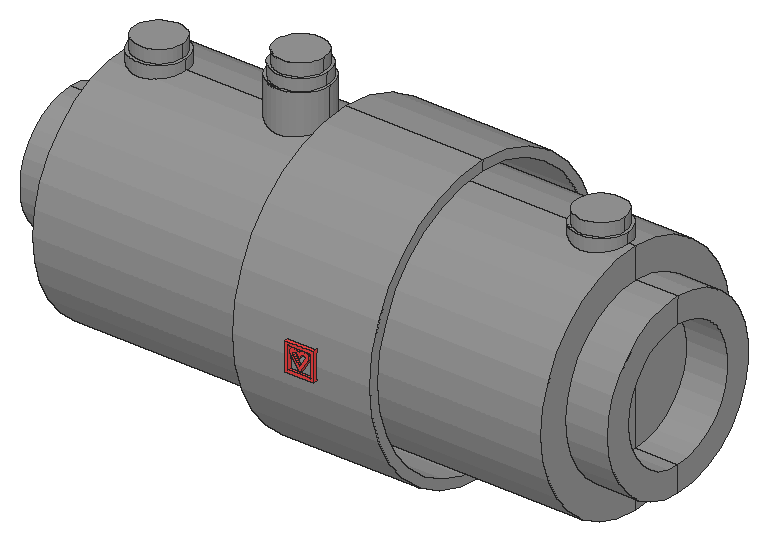
Revit family "Systemtrenner 0307 AG-IG", category Rohrzubehör, Revit 2019
Family settings
  Bemaßung runder Anschluss = Durchmesser verwenden
  Teiletyp = Unterbricht
  OmniClass-Nummer = 23.65.55.14
  OmniClass-Titel = Valves for Liquid Services
  Arbeitsebenenbasiert = Nein
  Immer vertikal = Ja
  Beim Laden mit Abzugskörper schneiden = Nein
  Gemeinsam genutzt = Nein
Parameters (values of type "AG-IG DN40-DN40")
  URL = "www.herz-armaturen.at"
  SCTWSEQ = "AW;SBT_TYP_AW=\"104\";2"
  SCTWCODE = "04;12;02"  # constant formula
  S03 = 15.000 mm  # constant formula
  S02 = 45.000 mm  # constant formula
  S01 = 98.000 mm  # constant formula
  Nennweite Ein [instance] = if(AG_IG_DN40_DN40, 40.000 mm, if(AG_IG_DN40_DN50, 40.000 mm, if(AG_IG_DN50_DN40, 50.000 mm, if(AG_IG_DN50_DN50, 50.000 mm, 0.000 mm))))  # 40.000 mm
  Nennweite Aus [instance] = if(AG_IG_DN40_DN40, 40.000 mm, if(AG_IG_DN40_DN50, 50.000 mm, if(AG_IG_DN50_DN40, 40.000 mm, if(AG_IG_DN50_DN50, 50.000 mm, 0.000 mm))))  # 40.000 mm
  Medium = "Wasser (ohne Dampf)"
  Max. Betriebstemperatur (Kurzzeitig) = 80 °C  # constant formula
  Max. Betriebstemperatur = 65 °C  # constant formula
  Max. Betriebsdruck = 1000000.0 Pa  # constant formula
  L07 = 24.500 mm  # constant formula
  L06 = 73.000 mm  # constant formula
  L05 = 28.000 mm  # constant formula
  L04 = 13.500 mm  # constant formula
  L03 = 87.500 mm  # constant formula
  L02 = 18.000 mm  # constant formula
  L01 = 193.000 mm  # constant formula
  Hinweis = "Gemäß Art 33 der REACH-Verordnung (EG Nr. 1907/2006) sind wir verpflichtet, darauf hinzuweisen, dass der Stoff Blei auf der SVHC-Liste geführt wird und dass alle aus Messing bestehenden Bauteile, die in unseren Erzeugnissen verarbeitet sind, mehr als 0,1 % (w/w) Blei (CAS: 7439-92-1 / EINECS: 231-100-4) enthalten.\r\nDa Blei als Legierungsbestandteil fest gebunden ist, sind keine Expositionen zu erwarten und daher sind keine zusätzlichen Angaben zur sicheren Verwendung notwendig."
  Hersteller = "HERZ Armaturen Ges.m.b.H."  # constant formula
  Gehäuse = "Edelstahl"  # constant formula
  Einbaulage = "waagrecht oder senkrecht nach unten zeigend"  # constant formula
  D03 [instance] = if(AG_IG_DN40_DN40, 28.000 mm, if(AG_IG_DN40_DN50, 33.000 mm, if(AG_IG_DN50_DN40, 28.000 mm, if(AG_IG_DN50_DN50, 33.000 mm, 0.000 mm))))  # 28.000 mm
  D02 = 45.000 mm  # constant formula
  D01 = 37.500 mm  # constant formula
  Bestellnummer [instance] = if(AG_IG_DN40_DN40, "I030704", if(AG_IG_DN40_DN50, "I030712", if(AG_IG_DN50_DN40, "I030716", if(AG_IG_DN50_DN50, "I030708", "0"))))  # "I030704"
  Ausführung = "Der Systemtrenner wurde nach der Norm DIN EN 1717 entwickelt.\r\nLaut dieser Norm ist die Wasserqualität je nach Grad der Verschmutzung in 5 Klassen eingeteilt.\r\nDer Systemtrenner Typ BA erlaubt eine Absicherung gegen Nichttrinkwasser bis zur Gefahrenklasse 4, der höchsten Gefahrenklasse, die mit einer Armatur abgesichert werden kann.\r\nEine niedrigere Absicherung eines Standrohres als mit einem Systemtrenner BA nach DIN EN 1717 entspricht nicht mehr dem Stand der Technik und führt damit bei einem Schadensfall zur Haftpflicht des Betreibers eines solchen Standrohres.\r\nDie Funktionseinheit ist als einteilige Kartusche mit groß bemessenem Steuerkolben und druckstoßgedämpftem Ablassventilsystem ausgebildet.\r\nGewindeanschlüsse sind untereinander austauschbar, wodurch 16 mögliche Anschlussvarianten (Eingangs- und Ausgangsseite erhältlich in 1 1/2” Innen- oder Außengewinde alternativ in 2” Innen- oder Außengewinde)."
  Anwendung = "Der Systemtrenner ist eine kostengünstige Lösung zum Nachrüsten von Standrohren mit der nach DIN EN 1717 zwingend vorgeschriebenen Sicherungsarmatur gegen Rücksaugen, Rückfließen oder Rückdrücken von Nichttrinkwasser in die Trinkwasserleitung.\r\nDer Systemtrenner ist für den waagerechten Einbau geeignet.\r\nEr kann auch senkrecht montiert werden aber nach unten zeigend.\r\nFür den Einbau in eine Steigleitung ist er nicht zulässig."
  AG_IG_DN50_DN50 = no
  AG_IG_DN50_DN40 = no
  AG_IG_DN40_DN50 = no
  AG_IG_DN40_DN40 = yes
  IG Aus [instance] = Nennweite Aus / 2  # 20.000 mm
  AG Ein [instance] = Nennweite Ein / 2  # 20.000 mm
Types (5, lengths in mm): name | Nennweite Ein | Nennweite Aus | D03 | Bestellnummer | AG_IG_DN50_DN50 | AG_IG_DN50_DN40 | AG_IG_DN40_DN50 | AG_IG_DN40_DN40 | IG Aus | AG Ein
  (no name) | 40.000 | 40.000 | 28.000 | "I030704" | no | no | no | yes | 20.000 | 20.000
  AG-IG DN40-DN50 | 40.000 | 50.000 | 33.000 | "I030712" | no | no | yes | no | 25.000 | 20.000
  AG-IG DN40-DN40 | 40.000 | 40.000 | 28.000 | "I030704" | no | no | no | yes | 20.000 | 20.000
  AG-IG DN50-DN50 | 50.000 | 50.000 | 33.000 | "I030708" | yes | no | no | no | 25.000 | 25.000
  AG-IG DN50-DN40 | 50.000 | 40.000 | 28.000 | "I030716" | no | yes | no | no | 20.000 | 25.000
Reference planes
  plane 1 "Mitte (Vorne/hinten)": y = 0
  plane 2: z = 0
  plane 3 "Mitte (Links/rechts)": x = 0
Forms (mm)
  Revolve 1, solid, material "Messing, weicher Gelbton, geschweißt", detail levels fine
    sketch origin (0, 0, 0) x (1, 0, 0) y (0, 0, 1)
      loop
        line (-96.5, 0) -> (83, 0) -> (83, 20) -> (96.5, 20) -> (96.5, 28) -> (83, 28) -> (83, 37.5) -> (-78.5, 37.5) -> (-78.5, 20) -> (-96.5, 20) -> (-96.5, 0)
      axis (-96.5, 0) -> (96.5, 0)
    angle from 0 to 360
  Revolve 2, solid, material "Acetalharz, Schwarz", detail levels fine
    sketch origin (0, 0, 0) x (1, 0, 0) y (0, 0, 1)
      loop
        line (-9, 0) -> (1.5, 0) -> (1.5, 42) -> (34.5, 42) -> (34.5, 45) -> (-9, 45) -> (-9, 0)
      axis (-9, 0) -> (34.5, 0)
    angle from 0 to 360
  Extrusion 3, solid, material "Messing, weicher Gelbton, geschweißt", detail levels fine
    sketch origin (0, 0, 0) x (1, 0, 0) y (0, 1, 0)
      loop
        circle (-68.5, 0) r 8.5
      loop
        circle (72, 0) r 8.5
    from 0 to 40.5
  Extrusion 4, solid, material "Acetalharz, Schwarz", detail levels fine
    sketch origin (0, 0, 0) x (1, 0, 0) y (0, 1, 0)
      loop
        circle (-68.5, 0) r 7.5
      loop
        circle (72, 0) r 7.5
    from 40.5 to 44.5
  Extrusion 5, solid, material "Messing, weicher Gelbton, geschweißt", detail levels fine
    sketch origin (0, 0, 0) x (1, 0, 0) y (0, 1, 0)
      loop
        circle (-23.5, 0) r 9.3
    from 0 to 49
  Extrusion 6, solid, material "Messing, weicher Gelbton, geschweißt", detail levels fine
    sketch origin (0, 0, 0) x (1, 0, 0) y (0, 1, 0)
      loop
        circle (-23.5, 0) r 8.5
    from 49 to 52.5
  Extrusion 7, solid, material "Acetalharz, Schwarz", visible <- "AG_IG_DN40_DN50", detail levels fine
    sketch origin (0, 0, 0) x (1, 0, 0) y (0, 1, 0)
      loop
        circle (-23.5, 0) r 7.5
    from 52.5 to 56.5
  Extrusion 8, solid, material "Acetalharz, Schwarz", visible <- "AG_IG_DN40_DN40", detail levels fine
    sketch origin (0, 0, 0) x (1, 0, 0) y (0, 1, 0)
      loop
        circle (-23.5, 0) r 7.5
    from 52.5 to 56.4
  Extrusion 9, solid, material "Acetalharz, Schwarz", visible <- "AG_IG_DN50_DN50", detail levels fine
    sketch origin (0, 0, 0) x (1, 0, 0) y (0, 1, 0)
      loop
        circle (-23.5, 0) r 7.5
    from 52.5 to 56.3
  Extrusion 10, solid, material "Acetalharz, Schwarz", visible <- "AG_IG_DN50_DN40", detail levels fine
    sketch origin (0, 0, 0) x (1, 0, 0) y (0, 1, 0)
      loop
        circle (-23.5, 0) r 7.5
    from 52.5 to 56.2
Lines and regions (mm)
  model lines, detail levels coarse+medium
    curve 1: line (-96.5, 0, 37.5) -> (96.5, 0, 37.5)
    curve 2: line (-96.5, 0, -37.5) -> (-96.5, 0, 37.5)
    curve 3: line (96.5, 0, -37.5) -> (-96.5, 0, -37.5)
    curve 4: line (96.5, 0, 37.5) -> (96.5, 0, -37.5)
    curve 5: line (-96.5, 0, -22.5) -> (-51.5, 0, -22.5)
    curve 6: line (-1.5, 0, -22.5) -> (96.5, 0, -22.5)
    curve 7: line (-96.5, 0, 22.5) -> (-51.5, 0, 22.5)
    curve 8: line (-1.5, 0, 22.5) -> (96.5, 0, 22.5)
    curve 9: line (-96.5, 37.5, 0) -> (96.5, 37.5, 0)
    curve 10: line (-96.5, -37.5, 0) -> (-96.5, 37.5, 0)
    curve 11: line (96.5, -37.5, 0) -> (-96.5, -37.5, 0)
    curve 12: line (96.5, 37.5, 0) -> (96.5, -37.5, 0)
    curve 13: line (-96.5, 22.5, 0) -> (-51.5, 22.5, 0)
    curve 14: line (-1.5, 22.5, 0) -> (96.5, 22.5, 0)
    curve 15: line (-96.5, -22.5, 0) -> (-51.5, -22.5, 0)
    curve 16: line (-1.5, -22.5, 0) -> (96.5, -22.5, 0)
Dimensions and locks
  "L04": Revolve 1 sketch curve to Revolve 1 sketch curve
  "L02": Revolve 1 sketch curve to Revolve 1 sketch curve
  "L01": Revolve 1 sketch curve to Revolve 1 sketch curve
  equal spacing: Revolve 1 sketch curve, plane 3 "Mitte (Links/rechts)", Revolve 1 sketch curve
  "AG Ein": Revolve 1 sketch curve to plane 2
  "D01": Revolve 1 sketch curve to plane 2
  "L03": Revolve 1 to Revolve 2 sketch curve
  equal spacing: curve 4, plane 3 "Mitte (Links/rechts)", curve 2
  "L01": curve 4 to curve 2
  "D01": curve 1 to plane 2 to curve 3
  "S03": curve 5 to curve 3
  "S03": curve 1 to curve 7
  "S03": curve 1 to curve 8
  "S03": curve 6 to curve 3
  "S02": curve 5 to curve 2
  "S02": curve 7 to curve 2
  "S01": curve 8 to curve 4
  "S01": curve 6 to curve 4
  equal spacing: curve 10, plane 3 "Mitte (Links/rechts)", curve 12
  "L01": curve 10 to curve 12
  "D01": curve 11 to plane 1 "Mitte (Vorne/hinten)" to curve 9
  "S03": curve 13 to curve 9
  "S03": curve 11 to curve 15
  "S03": curve 14 to curve 9
  "S03": curve 11 to curve 16
  "S01": curve 14 to curve 12
  "S01": curve 16 to curve 12
  "S02": curve 10 to curve 15
  "S02": curve 10 to curve 13
  "D02": Revolve 2 sketch curve to Revolve 2 sketch curve
  equal spacing: Revolve 2, nested 1, Revolve 2
  "D02": nested 1 to plane 1 "Mitte (Vorne/hinten)"
  "D03": Revolve 1 sketch curve to plane 2
  "IG Aus": Revolve 1 sketch curve to plane 2
  "L05": Revolve 1 to Extrusion 3 sketch curve
  "L05": Revolve 1 to Extrusion 4 sketch curve
  "L06": Revolve 1 to Extrusion 5 sketch curve
  "L06": Revolve 1 to Extrusion 6 sketch curve
  "L06": Revolve 1 to Extrusion 10 sketch curve
  "L06": Revolve 1 to Extrusion 9 sketch curve
  "L06": Revolve 1 to Extrusion 8 sketch curve
  "L06": Revolve 1 to Extrusion 7 sketch curve
  "L07": Extrusion 3 sketch curve to Revolve 1
  "L07": Extrusion 4 sketch curve to Revolve 1
  aligned and locked: level to plane 2
Automatic sketch dimensions
  Revolve 1 sketch curve to level = 0.000 mm  (x2)
  Revolve 1 sketch curve to Revolve 1 sketch curve = 0.000 mm
  Revolve 1 sketch curve to Revolve 1 sketch curve = 1408.530 mm
  Revolve 1 sketch curve to Revolve 1 sketch curve = 1741.148 mm
  Revolve 2 sketch curve to level = 0.000 mm  (x2)
  plane 3 "Mitte (Links/rechts)" to Revolve 2 sketch curve = 1.500 mm
  Revolve 2 sketch curve to Revolve 2 sketch curve = 33.000 mm
  Revolve 2 sketch curve to Revolve 2 sketch curve = 3.000 mm
  Revolve 2 sketch curve to Revolve 2 sketch curve = 1496.030 mm
  Revolve 2 sketch curve to Revolve 2 sketch curve = 1804.648 mm
  plane 1 "Mitte (Vorne/hinten)" to Extrusion 3 sketch curve = 0.000 mm  (x2)
  plane 1 "Mitte (Vorne/hinten)" to Extrusion 4 sketch curve = 0.000 mm  (x2)
  plane 1 "Mitte (Vorne/hinten)" to Extrusion 5 sketch curve = 0.000 mm
  plane 1 "Mitte (Vorne/hinten)" to Extrusion 6 sketch curve = 0.000 mm
  plane 1 "Mitte (Vorne/hinten)" to Extrusion 7 sketch curve = 0.000 mm
  plane 1 "Mitte (Vorne/hinten)" to Extrusion 8 sketch curve = 0.000 mm
  plane 1 "Mitte (Vorne/hinten)" to Extrusion 9 sketch curve = 0.000 mm
  plane 1 "Mitte (Vorne/hinten)" to Extrusion 10 sketch curve = 0.000 mm
  radius of Extrusion 3 sketch curve = 8.500 mm  (x2)
  radius of Extrusion 4 sketch curve = 7.500 mm  (x2)
  radius of Extrusion 5 sketch curve = 9.300 mm
  radius of Extrusion 6 sketch curve = 8.500 mm
  radius of Extrusion 7 sketch curve = 7.500 mm
  radius of Extrusion 8 sketch curve = 7.500 mm
  radius of Extrusion 9 sketch curve = 7.500 mm
  radius of Extrusion 10 sketch curve = 7.500 mm
Nested families
  nested 1: "Herz-Logo-vorne" at (12.75, -45, 0) x (0, 1, 0) z (0, 0, 1), type "Herz-Logo-vorne", detail levels fine
Connectors
  piping at (-96.5, 0, 0), diameter 40, driven by "Nennweite Ein"
    settings: on Revolve 1, index 2, connector inside diameter 609.6 mm, connector length 0.000 mm, flow factor 0, pipe flow 0.0 L/s, pressure drop 0.0 Pa, fitting loss kfactor 0, connector angle 0.00°, fixture units 0, engagement length 0.000 mm, angle of deflection 0.00°, flow configuration 0, flow direction 1, fitting loss method 0, system type 29, joint type 0, gender type 0, connector reference index -1, connector utility 0, adjustable connector no, is connector primary yes, connector description ""
  piping at (83, 0, 0), diameter 40, driven by "Nennweite Aus"
    settings: on Revolve 1, index 3, connector inside diameter 609.6 mm, connector length 0.000 mm, flow factor 0, pipe flow 0.0 L/s, pressure drop 0.0 Pa, fitting loss kfactor 0, connector angle 0.00°, fixture units 0, engagement length 0.000 mm, angle of deflection 0.00°, flow configuration 0, flow direction 2, fitting loss method 0, system type 29, joint type 0, gender type 0, connector reference index -1, connector utility 0, adjustable connector no, is connector primary no, connector description ""
Definition of nested family "Herz-Logo-vorne"
  Reference planes
    plane 1 "Mitte (Vorne/hinten)": y = 0
    plane 2: z = 0
    plane 3 "Mitte (Links/rechts)": x = 0
  Forms (mm)
    Extrusion 1, solid
      sketch origin (0.732, -0.018, 0.017) x (0, -1, 0) y (0, 0, 1)
        loop
          line (-0.018, -4.517) -> (4.482, -4.517) -> (4.482, 4.483) -> (-4.518, 4.483) -> (-4.518, -4.517) -> (-0.018, -4.517)
        loop
          line (-0.05, -3.48) -> (3.482, -3.48) -> (3.482, 3.483) -> (-3.518, 3.483) -> (-3.518, -3.48) -> (-0.05, -3.48)
        loop
          arc (-0.018, 2.383) -> (-1.543, 3.287) -> (-3.067, 2.383) r 1.738
          arc (-3.067, 2.383) -> (-3.191, 1.899) -> (-3.067, 1.415) r 1.009
          line (-3.067, 1.415) -> (-0.018, -3.281) -> (3.032, 1.415)
          arc (3.032, 1.415) -> (3.156, 1.899) -> (3.032, 2.383) r 1.009
          arc (3.032, 2.383) -> (1.507, 3.287) -> (-0.018, 2.383) r 1.738
        loop
          arc (1.885, 1.272) -> (2.005, 1.675) -> (1.885, 2.079) r 0.74
          arc (1.885, 2.079) -> (1.265, 2.416) -> (0.644, 2.079) r 0.74
          line (0.644, 2.079) -> (-0.018, 0.97) -> (-0.679, 2.079)
          arc (-0.679, 2.079) -> (-1.3, 2.416) -> (-1.921, 2.079) r 0.74
          arc (-1.921, 2.079) -> (-2.04, 1.675) -> (-1.921, 1.272) r 0.74
          line (-1.921, 1.272) -> (-0.018, -1.658) -> (1.885, 1.272)
      from 0 to 1.5
  Dimensions and locks
    aligned and locked: level to plane 2
